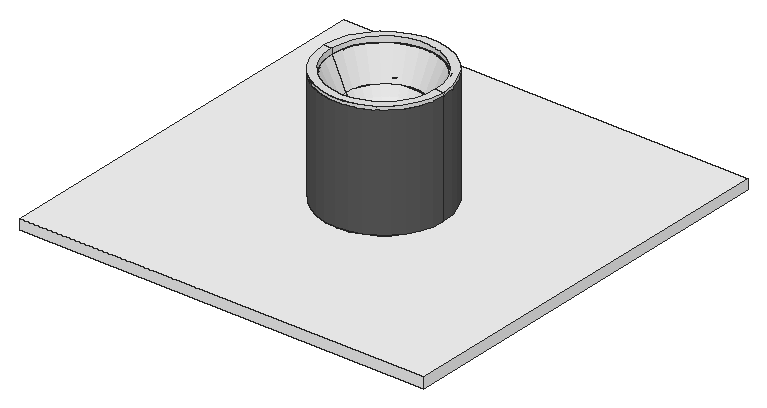
Revit family "BE_50674.2_de_DE", category Leuchten, Revit 2020
Family settings
  Basisbauteil = Fläche
  Bemaßung runder Anschluss = Durchmesser verwenden
  Teiletyp = Normal
  Beim Laden mit Abzugskörper schneiden = Ja
  Lichtquelle = Ja
  Gemeinsam genutzt = Nein
  Raumberechnungspunkt = Ja
Parameters (values of type "BEGA_50674.2_K3")
  built-in parameter 1150104 = 14.391 (stored number, unit not read)
  Wattage = 8.1 W
  Default Elevation = 0 mm
  built-in parameter 1150113 = 1 (stored number, unit not read)
  built-in parameter 1114218 = 1 (stored number, unit not read)
  Umgebungstemperatur = "25 °C"
  URL = "https://www.bega.com/de/produkt/50674.2"
  Typenkommentare = "© 2022 BEGA. Wir behalten uns das Recht vor, technische Änderungen ohne vorherige Ankündigung vorzunehmen."  # constant formula
  built-in parameter 1150134 = (empty or 0)
  built-in parameter 1150109 = 1 (stored number, unit not read)
  Strom = ""
  built-in parameter 1150110 = 1 (stored number, unit not read)
  Spannung = 239.996 V
  Sonderanfertigung = no
  Seriennummer [instance] = "Hier können Sie die eindeutige Seriennummer für das Facility Management eintragen."
  Schutzklasse = "I"
  Schutzart = "IP 20"
  Scheinlast = 0 VA
  Produktdatenblatt = "https://cdn.bega.com/bega/products/50674.2K3/current/documents/data-sheets/de"
  Oberflächentemperatur = ""
  Neigungswinkel = 0.00°
  Modell = "50674.2K3"
  Material_35 = BEGA_Oberfläche_Samtschwarz_matt
  Material_23 = BEGA_Oberfläche_Chrom_poliert
  Material_22 = BEGA_Oberfläche_Aluminium_matt
  Material_17 = BEGA_Reflektor
  Material_15 = BEGA_Leuchtmedium_matt
  Material_13 = BEGA_Kunststoff_matt
  Material_11 = BEGA_Glas_opal
  Material_09 = BEGA_Glas_klar
  Material_06 = BEGA_Oberfläche_Edelstahl_gebürstet
  Material_03 = BEGA_Oberfläche_Weiss_matt
  Material_02 = BEGA_Oberfläche_Silber_matt
  Material_01 [instance] = BEGA_Oberfläche_Grafit_matt
  M_W = no
  M_G = no
  M_A = no
  Logo = 0
  built-in parameter 1114217 = 1 (stored number, unit not read)
  built-in parameter 1150139 = (empty or 0)
  built-in parameter 1150105 = 99.845 (stored number, unit not read)
  built-in parameter 1150114 = 1 (stored number, unit not read)
  Lumens = 1254.69 lm
  built-in parameter 1150115 = 1 (stored number, unit not read)
  Leuchtenlichtstrom = "915 lm"
  Leuchtenanzahl = ""
  Lebensdauerkriterien = "L70B50 @ 25 °C = 200000 h"
  Lastklassifizierung = Beleuchtung
  built-in parameter 1150112 = 1 (stored number, unit not read)
  Lampenlichtstrom = "1255 lm"
  Lampe = "LED 8.1 W"
  LED_Modulbezeichnung = "LED-0800/930"
  Hersteller = "BEGA"  # constant formula
  Halbstreuwinkel = ""
  Gewicht = "0.9 kg"
  Gebrauchslageneinschränkung [instance] = ""
  Frequenz = "0/50-60 Hz"
  Farbwiedergabeindex = "CRI > 90"
  Farbtemperaturverschiebung bei Dämpfen der Lampe = <Keine Auswahl>
  Farbtemperatur = "3000 K"
  Color Filter = 16777215
  built-in parameter 1150133 = 10 (stored number, unit not read)
  Energieeffizienzklasse = "LED A++ - A"
  built-in parameter 1150137 = (empty or 0)
  built-in parameter 1150132 = (empty or 0)
  ENEC = "ja"
  Dimmbar [instance] = "DALI"
  Datei für fotometrisches Netz = "BE_50674.2K3.IES"
  CE_Konformität = "ja"
  Bestellnummer = "50674.2K3"
  Beschreibung_Sonderanfertigung = "Hier können Sie Informationen zur Sonderanfertigung eintragen."
  Beschreibung = "Deckenleuchte · Tiefstrahler"
  built-in parameter 1150106 = 0.99845 (stored number, unit not read)
  Befestigungsbohrung = "Ø 4,5 mm"
  Befestigungsabstand = "96 mm"
  Ballwurfsicher = ""
  BEGA_Intern_aus = yes
  BEGA_Intern_an = yes
  BEGA_Intern_Konstruktion = yes
  BEGA_Intern = yes
  BEGA_IES = yes
  BEGA_Dummy = no
  Anschlussleitung = ""
  Anschlussleistung [instance] = "9.8 W"
  Anschlusskasten = ""
  built-in parameter 1150107 = 3000 (stored number, unit not read)
  built-in parameter 1150102 = (empty or 0)
  built-in parameter 1150138 = (empty or 0)
  Aktualisierung = "2022-05-19T04:00:07"
  Abstand_zur_angestrahlten_Fläche [instance] = ""
  AC/DC = "AC/DC"
Reference planes
  plane 1 "Mitte (Vorne/Hinten)": y = 0
  plane 2: z = 0
  plane 3 "Mitte (Links/Rechts)": x = 0
  plane 4 "Links": x = -59.5
  plane 5 "Rechts": x = 59.5
  plane 6 "Unten": y = -59.5
  plane 7 "Oben": y = 59.5
  plane 8 "Vorne": z = 115.1
  plane 9 "Hinten": z = 0
Forms (mm)
  Extrusion 1, solid, material "BEGA_Platte_Weiss"
    sketch origin (0, -1119.2, 0) x (1, 0, 0) y (0, 1, 0)
      loop
        line (-200, 1319.2) -> (-200, 919.2) -> (200, 919.2) -> (200, 1319.2) -> (-200, 1319.2)
    from 0 to -10
  Extrusion 2, solid, material "BEGA_Dummy_matt", visible <- "BEGA_Dummy"
    sketch origin (77.149, -76.023, 0) x (1, 0, 0) y (0, 1, 0)
      loop
        circle (-77.149, 76.023) r 59.398
    from 0 to 115.1
Dimensions and locks
  plane 1 "Mitte (Vorne/Hinten)" to Extrusion 1 = 200 mm
  aligned and locked: plane 2 to Extrusion 1
  aligned and locked: level to Extrusion 1
Nested families
  nested 1: "BE_50674.2" at (0, 0, 0), type "BE_50674.2"
Connectors
  electrical at (0, 0, 0), driven by "Lastklassifizierung", driven by "Spannung", driven by "Scheinlast"
    settings: index 1, voltage 239.996 V, apparent load 0 VA, apparent load phase1 0 VA, apparent load phase2 0 VA, apparent load phase3 0 VA, power factor 1, load classification "Beleuchtung", number of poles 1, system type 31, power factor state 1, is connector primary yes, connector utility no, sub classification motor no, connector description ""
Definition of nested family "BE_50674.2"
  Parameters (values of type "BE_50674.2")
    Default Elevation = 1 mm
    URL = "http://www.bega.de/de/produkt"
    Type Comments = "© 2015 BEGA. Wir behalten uns das Recht vor, technische Änderungen ohne vorherige Ankündigung vorzunehmen. "  # constant formula
    Type Image = (empty or 0)
    Neigungswinkel_um_Z2 = 0.00°
    Neigungswinkel_um_Z1 = 0.00°
    Neigungswinkel_um_Y2 = 0.00°
    Neigungswinkel_um_Y1 = 0.00°
    Neigungswinkel_um_X2 = 0.00°
    Neigungswinkel_um_X1 = 0.00°
    Material_35 = none
    Material_23 = none
    Material_22 = none
    Material_17 = none
    Material_15 = none
    Material_13 = none
    Material_11 = none
    Material_09 = none
    Material_06 = none
    Material_05 = none
    Material_02 = none
    Material_01 = none
    M_W = yes
    M_G = yes
    M_A = yes
    Länge_Platte = 200 mm  # constant formula
    Höhe_Platte = -10 mm  # constant formula
    Manufacturer = "BEGA"  # constant formula
    Drehwinkel_um_Z2 = 0.00°
    Drehwinkel_um_Z1 = 0.00°
    Breite_Platte = 200 mm  # constant formula
  Reference planes
    plane 1 "Mitte (Oben/Unten)": y = 0
    plane 2: z = 0
    plane 3 "Mitte (Links/Rechts)": x = 0
    plane 4 "Hinten": z = 0
    plane 5 "Links": x = -59.5
    plane 6 "Rechts": x = 59.5
    plane 7 "Oben": y = 59.5
    plane 8 "Unten": y = -59.5
    plane 9: z = 115.1
  Forms (mm)
    Extrusion 1, solid, detail levels medium
      sketch origin (0, 0, 0) x (1, 0, 0) y (0, 1, 0)
        loop
          line (-100, 100) -> (-100, -100) -> (100, -100) -> (100, 100) -> (-100, 100)
      from 0 to -10 <- "Höhe_Platte"
    Revolve 2, solid, material <- "Material_13"
      sketch origin (0, 0, 0) x (1, 0, 0) y (0, 0, 1)
        loop
          line (0, 60.73) -> (0, 61.93)
          arc (0, 61.93) -> (-6.282, 60.311) -> (-11, 55.858) r 13
          line (-11, 55.858) -> (-11.994, 55.858) -> (-11.994, 54.458) -> (-9.75, 54.458) -> (-9.75, 55.576)
          arc (-9.75, 55.576) -> (-5.514, 59.362) -> (0, 60.73) r 11.8
        axis (0, 54.458) -> (0, 61.93)
      angle from 0 to 360
    Revolve 3, solid, material <- "Material_22"
      sketch origin (0, 0, 0) x (1, 0, 0) y (0, 0, 1)
        loop
          line (-18.273, 56.462) -> (-11, 55.825) -> (-11, 56.829) -> (-18.186, 57.458)
          arc (-18.186, 57.458) -> (-29.245, 67.993) -> (-37.796, 80.65) r 71.028
          line (-37.796, 80.65) -> (-39.6, 81.691) -> (-41.259, 85.331) -> (-42.169, 84.917) -> (-40.377, 80.985) -> (-38.491, 79.896)
          arc (-38.491, 79.896) -> (-29.813, 66.944) -> (-18.273, 56.462) r 64.266
        axis (0, 55.825) -> (0, 85.331)
      angle from 0 to 360
    Revolve 4, solid, material <- "Material_23"
      sketch origin (0, 0, 0) x (1, 0, 0) y (0, 0, 1)
        loop
          line (-59.446, 115.1) -> (-59.398, 111.8) -> (-52.937, 111.8) -> (-52.885, 110.3) -> (-51.582, 110.3) -> (-51.75, 115.1) -> (-59.446, 115.1)
        axis (0, 110.3) -> (0, 115.1)
      angle from 0 to 360
    Revolve 5, solid, material <- "Material_35"
      sketch origin (0, 0, 0) x (1, 0, 0) y (0, 0, 1)
        loop
          line (-55.325, 106.9) -> (-56.8, 106.9) -> (-57.071, 111.9) -> (-59.5, 111.8) -> (-59.4, 0.9) -> (-58.543, 0.997) -> (-58.303, 5.1) -> (-57.328, 5.374) -> (-57.2, 6.839) -> (-57.2, 14.979) -> (-56.022, 17.021) -> (-55.5, 46.9) -> (0, 46.9) -> (0, 51.9) -> (-53.405, 51.9) -> (-55.325, 106.9)
        axis (0, 0.9) -> (0, 111.9)
      angle from 0 to 360
    Revolve 6, solid, material <- "Material_22"
      sketch origin (0, 0, 0) x (1, 0, 0) y (0, 0, 1)
        loop
          line (-38.056, 80.8) -> (-51.236, 109.721)
          arc (-51.236, 109.721) -> (-51.605, 110.143) -> (-52.143, 110.3) r 1
          line (-52.143, 110.3) -> (-53.3, 110.3) -> (-53.3, 109.3) -> (-52.143, 109.3) -> (-39.547, 81.661) -> (-38.056, 80.8)
        axis (0, 80.8) -> (0, 110.3)
      angle from 0 to 360
    Revolve 7, solid, material <- "Material_05"
      sketch origin (0, 0, 0) x (1, 0, 0) y (0, 0, 1)
        loop
          line (53.452, 9) -> (53.609, 0) -> (58.1, 0) -> (58.1, 4.627) -> (55.75, 5) -> (55.75, 8.001) -> (55.75, 12.5) -> (55.348, 14) -> (53.505, 14) -> (53.4, 11) -> (39.07, 11) -> (39, 9) -> (53.452, 9)
        axis (0, 0) -> (0, 14)
      angle from 0 to 360
    Extrusion 8, solid, material <- "Material_05"
      sketch origin (0, 0, 0) x (1, 0, 0) y (0, 1, 0)
        loop
          circle (0, -48) r 7.58
        loop
          circle (0, 48) r 7.58
        loop
          circle (0, 48) r 2.25
        loop
          circle (0, -48) r 2.25
      from 0 to 11
  Cuts and joins
    joined: Revolve 7, Extrusion 8
  Dimensions and locks
    equal spacing: Extrusion 1 sketch curve, plane 3 "Mitte (Links/Rechts)", Extrusion 1 sketch curve
    equal spacing: Extrusion 1 sketch curve, plane 1 "Mitte (Oben/Unten)", Extrusion 1 sketch curve
    "Länge_Platte": Extrusion 1 sketch curve to Extrusion 1 sketch curve
    "Breite_Platte": Extrusion 1 sketch curve to Extrusion 1 sketch curve
    aligned and locked: plane 2 to Extrusion 1
    aligned and locked: level to Extrusion 1
  Automatic sketch dimensions
    Revolve 2 sketch curve to Revolve 2 sketch curve = 0 mm  (x3)
    Revolve 2 sketch curve to plane 3 "Mitte (Links/Rechts)" = 0 mm  (x2)
    Revolve 2 sketch curve to plane 3 "Mitte (Links/Rechts)" = 9.75 mm
    Revolve 2 sketch curve to Revolve 2 sketch curve = 1.25 mm
    Revolve 2 sketch curve to Revolve 2 sketch curve = 0.994 mm
    level to Revolve 2 sketch curve = 48.93 mm
    Revolve 2 sketch curve to Revolve 2 sketch curve = 5.528 mm
    Revolve 2 sketch curve to Revolve 2 sketch curve = 1.118 mm
    Revolve 2 sketch curve to Revolve 2 sketch curve = 1.4 mm
    Revolve 2 sketch curve to Revolve 2 sketch curve = 2.853 mm
    Revolve 2 sketch curve to Revolve 2 sketch curve = 5.947 mm
    Revolve 4 sketch curve to plane 3 "Mitte (Links/Rechts)" = 0 mm
    Revolve 4 sketch curve to plane 3 "Mitte (Links/Rechts)" = 51.582 mm
    Revolve 4 sketch curve to Revolve 4 sketch curve = 0.168 mm
    Revolve 4 sketch curve to Revolve 4 sketch curve = 1.302 mm
    Revolve 4 sketch curve to Revolve 4 sketch curve = 0.052 mm
    Revolve 4 sketch curve to Revolve 4 sketch curve = 6.461 mm
    Revolve 4 sketch curve to Revolve 4 sketch curve = 0.047 mm
    Revolve 4 sketch curve to Revolve 4 sketch curve = 1.5 mm
    Revolve 4 sketch curve to Revolve 4 sketch curve = 3.3 mm
    Revolve 4 sketch curve to Revolve 4 sketch curve = 2.164 mm
    Revolve 4 sketch curve to Revolve 4 sketch curve = 8.028 mm
    Revolve 3 sketch curve to plane 3 "Mitte (Links/Rechts)" = 0 mm
    Revolve 3 sketch curve to plane 3 "Mitte (Links/Rechts)" = 11 mm
    Revolve 3 sketch curve to Revolve 3 sketch curve = 0 mm
    Revolve 3 sketch curve to Revolve 3 sketch curve = 7.186 mm
    Revolve 3 sketch curve to Revolve 3 sketch curve = 21.414 mm
    Revolve 3 sketch curve to Revolve 3 sketch curve = 1.659 mm
    Revolve 3 sketch curve to Revolve 3 sketch curve = 0.91 mm
    plane 3 "Mitte (Links/Rechts)" to Revolve 3 sketch curve = 18.846 mm
    Revolve 3 sketch curve to Revolve 3 sketch curve = 6.148 mm
    Revolve 3 sketch curve to Revolve 3 sketch curve = 4.931 mm
    Revolve 3 sketch curve to Revolve 3 sketch curve = 0.415 mm
    Revolve 3 sketch curve to Revolve 3 sketch curve = 3.64 mm
    Revolve 3 sketch curve to Revolve 3 sketch curve = 24.233 mm
    Revolve 3 sketch curve to Revolve 3 sketch curve = 0.629 mm
    Revolve 3 sketch curve to Revolve 3 sketch curve = 1.004 mm
    Revolve 3 sketch curve to Revolve 3 sketch curve = 0.087 mm
    Revolve 3 sketch curve to Revolve 3 sketch curve = 0.777 mm
    Revolve 3 sketch curve to Revolve 3 sketch curve = 6.249 mm
    Revolve 3 sketch curve to Revolve 3 sketch curve = 6.761 mm
    Revolve 3 sketch curve to Revolve 3 sketch curve = 0.706 mm
    Revolve 3 sketch curve to Revolve 3 sketch curve = 0.754 mm
    Revolve 3 sketch curve to Revolve 3 sketch curve = 1.109 mm
    Revolve 3 sketch curve to Revolve 3 sketch curve = 0.695 mm
    Revolve 3 sketch curve to Revolve 3 sketch curve = 10.583 mm
    Revolve 6 sketch curve to plane 3 "Mitte (Links/Rechts)" = 0 mm
    Revolve 6 sketch curve to plane 3 "Mitte (Links/Rechts)" = 38.056 mm
    Revolve 6 sketch curve to Revolve 6 sketch curve = 1.491 mm
    Revolve 6 sketch curve to Revolve 6 sketch curve = 11.688 mm
    Revolve 6 sketch curve to Revolve 6 sketch curve = 0.907 mm
    Revolve 6 sketch curve to Revolve 6 sketch curve = 0.001 mm
    Revolve 6 sketch curve to Revolve 6 sketch curve = 1.157 mm
    level to Revolve 6 sketch curve = 80.8 mm
    Revolve 6 sketch curve to Revolve 6 sketch curve = 0.861 mm
    Revolve 6 sketch curve to Revolve 6 sketch curve = 27.639 mm
    Revolve 6 sketch curve to Revolve 6 sketch curve = 0 mm
    Revolve 6 sketch curve to Revolve 6 sketch curve = 0.421 mm
    Revolve 6 sketch curve to Revolve 6 sketch curve = 12.305 mm
    Revolve 6 sketch curve to Revolve 6 sketch curve = 10 mm
    Revolve 7 sketch curve to plane 3 "Mitte (Links/Rechts)" = 0 mm
    Revolve 7 sketch curve to level = 0 mm
    level to Revolve 7 sketch curve = 9 mm
    plane 3 "Mitte (Links/Rechts)" to Revolve 7 sketch curve = 39 mm
    Revolve 7 sketch curve to Revolve 7 sketch curve = 0.07 mm
    Revolve 7 sketch curve to Revolve 7 sketch curve = 14.33 mm
    Revolve 7 sketch curve to Revolve 7 sketch curve = 0.052 mm
    Revolve 7 sketch curve to Revolve 7 sketch curve = 0.105 mm
    Revolve 7 sketch curve to Revolve 7 sketch curve = 0.157 mm
    Revolve 7 sketch curve to Revolve 7 sketch curve = 1.843 mm
    level to Revolve 7 sketch curve = 5 mm
    Revolve 7 sketch curve to Revolve 7 sketch curve = 2.298 mm
    level to Revolve 7 sketch curve = 4.627 mm
    Revolve 7 sketch curve to Revolve 7 sketch curve = 2.35 mm
    Revolve 7 sketch curve to Revolve 7 sketch curve = 0.999 mm
    Revolve 7 sketch curve to Revolve 7 sketch curve = 2 mm
    Revolve 7 sketch curve to Revolve 7 sketch curve = 1.5 mm  (x2)
    Revolve 7 sketch curve to level = 6 mm
    level to Revolve 7 sketch curve = 44 mm
    Revolve 5 sketch curve to plane 3 "Mitte (Links/Rechts)" = 0 mm  (x2)
    Revolve 5 sketch curve to plane 3 "Mitte (Links/Rechts)" = 53.405 mm
    Revolve 5 sketch curve to Revolve 5 sketch curve = 1.921 mm
    Revolve 5 sketch curve to Revolve 5 sketch curve = 2.095 mm
    level to Revolve 5 sketch curve = 17.021 mm
    Revolve 5 sketch curve to Revolve 5 sketch curve = 0.522 mm
    Revolve 5 sketch curve to Revolve 5 sketch curve = 1.475 mm
    Revolve 5 sketch curve to Revolve 5 sketch curve = 0.271 mm
    level to Revolve 5 sketch curve = 6.839 mm
    Revolve 5 sketch curve to Revolve 5 sketch curve = 1.178 mm
    level to Revolve 5 sketch curve = 14.979 mm
    Revolve 5 sketch curve to Revolve 5 sketch curve = 1.179 mm
    level to Revolve 5 sketch curve = 0.997 mm
    Revolve 5 sketch curve to Revolve 5 sketch curve = 1.344 mm
    level to Revolve 5 sketch curve = 0.9 mm
    Revolve 5 sketch curve to Revolve 5 sketch curve = 0.857 mm
    Revolve 5 sketch curve to Revolve 5 sketch curve = 2.429 mm
    level to Revolve 5 sketch curve = 46.9 mm
    Revolve 5 sketch curve to Revolve 5 sketch curve = 5 mm  (x2)
    Revolve 5 sketch curve to Revolve 5 sketch curve = 55 mm
    Revolve 5 sketch curve to Revolve 5 sketch curve = 4.9 mm
    Revolve 5 sketch curve to Revolve 5 sketch curve = 0.1 mm
    level to Revolve 5 sketch curve = 5.374 mm
    Revolve 5 sketch curve to Revolve 5 sketch curve = 0.128 mm
    level to Revolve 5 sketch curve = 5.1 mm
    Revolve 5 sketch curve to Revolve 5 sketch curve = 0.975 mm
    Revolve 5 sketch curve to Revolve 5 sketch curve = 15 mm
    Extrusion 8 sketch curve to Extrusion 8 sketch curve = 0 mm  (x4)
    Extrusion 8 sketch curve to plane 3 "Mitte (Links/Rechts)" = 0 mm  (x2)
    plane 1 "Mitte (Oben/Unten)" to Extrusion 8 sketch curve = 48 mm
    Extrusion 8 sketch curve to plane 1 "Mitte (Oben/Unten)" = 48 mm
    level to Revolve 3 sketch curve = 55.825 mm
    level to Revolve 4 sketch curve = 110.3 mm
    radius of Extrusion 8 sketch curve = 7.58 mm  (x2)
    radius of Extrusion 8 sketch curve = 2.25 mm  (x2)
